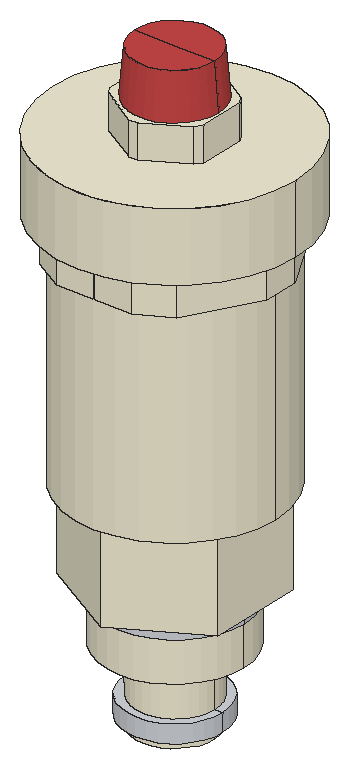
Revit family "1", category Pipe Accessories, Revit 2018
Family settings
  Round Connector Dimension = Use Diameter
  Part Type = Normal
  OmniClass Number = 23.65.00.00
  OmniClass Title = Supply and Distribution of Liquids and Gases
  Work Plane-Based = No
  Always vertical = No
  Cut with Voids When Loaded = No
  Shared = No
Parameters (values of type "1/2" - Nickel plated")
  Youtube clip = ""
  Weight Net (Kg) = ""
  Uniformat II Description = "HVAC"  # constant formula
  Uniformat II Code = "D30"  # constant formula
  Uniclass 2015 Name = "Heating, cooling and refrigeration systems"  # constant formula
  Uniclass 2015 Code = "Ss_60"  # constant formula
  Uniclass 2.0 Description = "Automatic Air Vents"  # constant formula
  Uniclass 2.0 Code = "PR-55-34-05"  # constant formula
  Uniclass 1.4 Description = "Heating systems"  # constant formula
  Uniclass 1.4 Code = "JT10"  # constant formula
  URL = "www.pintossi.it"
  UNSPSC Code = "401446"  # constant formula
  Technical description = ""
  Region South America = "All"  # constant formula
  Region Oceania = "All"  # constant formula
  Region North America = "All"  # constant formula
  Region Middle East = "All"  # constant formula
  Region Europe = "All"  # constant formula
  Region Asia = "All"  # constant formula
  Region Antarctica = "All"  # constant formula
  Region Africa = "All"  # constant formula
  Radius [instance] = [Inlet/Outlet Diameter] / 2  # 6.35 mm
  QR code = "https://www.bimobject.com/pintossi/product/507-automatic-air-vent\r\nhttps://www.bimobject.com/pintossi/product/507-automatic-air-vent"
  Product url = ""
  Product group = "AUTOMATIC-AIR-VENTS"  # constant formula
  Product family = "COMPONENTS-FOR-CENTRAL-HEATING-SYSTEMS"  # constant formula
  Product data url = "https://www.bimobject.com/pintossi/product/508-automatic-air-vent-with-shut-off-cock"
  Product certification = ""
  Product SKU = "508-AUTOMATIC-AIR-VENT-WITH-SHUT-OFF-COCK"  # constant formula
  Product Guid = "8ec4c221-a78d-451a-9070-4bc8ca6b6be1"  # constant formula
  PH: = "Between 7 and 8"  # constant formula
  Overall Height [instance] = 90.5 mm
  OmniClass Description = "Valves"  # constant formula
  OmniClass Code = "23-27 31 00"  # constant formula
  Nut Height [instance] = 13.5 mm
  NBS Reference Description = "Automatic Air Vents"  # constant formula
  NBS Reference Code = "55-34-05"  # constant formula
  Model = "508 AUTOMATIC AIR-VENT WITH SHUT OFF COCK"  # constant formula
  Maximum working temperature = 100 °C  # constant formula
  Maximum working pressure = 1000000.0 Pa  # constant formula
  Maximum percentage of glycol [%] = 30  # constant formula
  Maximum discharge pressure = 0.0 Pa
  Material secondary = ""
  Material main = ""
  Material Polimer = Pintossi - Plastic - Red
  Material Gaskets = Pintossi - Rubber - NBR
  Material Body = Pintossi - Metal - Nickel
  Masterformat 2014 Description = "Ventilating, and Air contitioning (HVAC)"  # constant formula
  Masterformat 2014 Code = "23 00 00"  # constant formula
  Mass = 0.00 kg
  Manufacturer country = "Italy"  # constant formula
  Manufacturer = "pintossi+C"  # constant formula
  Iron (FE): = "< 0,5 mg/kg (< 0,1 mg/kg for steam)"  # constant formula
  Installation instructions = ""
  Inlet/Outlet Diameter = 12.7 mm
  IFC Classification = "Valve"  # constant formula
  Gasket radius [instance] = Radius + 0.5 mm  # 6.85 mm
  G = 6 mm
  Fluid aspect: = "Limpid"  # constant formula
  F [instance] = 17 mm
  Edition number = 0
  EAN code = ""
  E [instance] = 2 mm
  Design country = "Italy"  # constant formula
  Description = "Pintossi+C automatic air vents have the function of automatically eliminating the air that can build up inside a heating system.\r\n\r\nThe sealing is guaranteed by PTM system (Pintossi soft sealing), which allow a quick and safe installation, without the use of additional sealing materials, like hemp of PTFE ribbon.\r\n\r\nThe shut-off cock allows an easy and quick maintainance or substitution of the air vent without the need to empty the system.\r\n\r\nYellow and nichel plated finishing available."  # constant formula
  Date of publishing = ""
  Copper (CU): = "< 0,1 mg/kg (< 0,05 mg/kg for steam)"  # constant formula
  Thread Length [instance] = 17 mm
  Overall Diameter [instance] = 36.044 mm
  Conditioning: = "as indicated by the producer"  # constant formula
  Height [instance] = Overall Height - Nut Height - F - E  # 58 mm
  COBIe Type Category = ""
  Brand url = "www.pintossi.it"
  BIMobject category = "HVAC: Other HVAC"  # constant formula
  Application fluids = "Water or glycol solutions"  # constant formula
  Antifreeze: = "Passiveted Propylene Glycol"  # constant formula
Types (5, lengths in mm): name | Radius | Overall Height | Material Body | Inlet/Outlet Diameter | Gasket radius | G | Height
  (no name) | 6.35 | 90.5 | Pintossi - Metal - Nickel | 12.7 | 6.85 | 6 | 58
  3/8" - Yellow | 4.75 | 92 | Pintossi - Metal - Brass CW617N | 9.5 | 5.25 | 7.5 | 59.5
  1/2" - Yellow | 6.35 | 90.5 | Pintossi - Metal - Brass CW617N | 12.7 | 6.85 | 6 | 58
  1/2" - Nickel plated | 6.35 | 90.5 | Pintossi - Metal - Nickel | 12.7 | 6.85 | 6 | 58
  3/8" - Nickel plated | 4.75 | 92 | Pintossi - Metal - Nickel | 9.5 | 5.25 | 7.5 | 59.5
Reference planes
  plane 1 "Center (Front/Back)": y = 0
  plane 2: z = 0
  plane 3 "Center (Left/Right)": x = 0
  plane 4: z = 71.5
  plane 5: z = 13.5
  plane 6: z = -2
Forms (mm)
  Extrusion 1, solid, material "Pintossi - Metal - Nickel" <- "Material Body", detail levels fine
    sketch origin (0, 0, 0) x (1, 0, 0) y (0, 1, 0)
      loop
        line (-0.62, 7.725) -> (-6.38, 4.399) -> (-7, 3.326) -> (-7, -3.326) -> (-6.38, -4.399) -> (-0.62, -7.725) -> (0.62, -7.725) -> (6.38, -4.399) -> (7, -3.326) -> (7, 3.326) -> (6.38, 4.399) -> (0.62, 7.725) -> (-0.62, 7.725)
    from 59.8 to 64.8
  Extrusion 2, solid, material "Pintossi - Metal - Nickel" <- "Material Body", detail levels fine
    sketch origin (0, 0, 0) x (1, 0, 0) y (0, 1, 0)
      loop
        circle (0, 0) r 18.022
    from 49.6 to 59.8
  Revolve 3, solid, material "Pintossi - Plastic - Red" <- "Material Polimer", detail levels fine
    sketch origin (0, 0, -3.396) x (1, 0, 0) y (0, 0, 1)
      loop
        line (0, 74.896) -> (0, 68.196) -> (6.539, 68.196) -> (5.953, 74.896) -> (0, 74.896)
      axis (0, 68.196) -> (0, 74.896)
    angle from 0 to 360
  Revolve 4, solid, material "Pintossi - Metal - Nickel" <- "Material Body", detail levels fine
    sketch origin (0, 0, 0) x (1, 0, 0) y (0, 0, 1)
      loop
        line (0, 13.5) -> (15, 13.5) -> (15, 50.17) -> (0, 50.17) -> (0, 13.5)
      axis (0, 13.5) -> (0, 50.17)
    angle from 0 to 360
  Extrusion 5, solid, material "Pintossi - Metal - Nickel" <- "Material Body", detail levels fine
    sketch origin (0, 0, 0) x (1, 0, 0) y (0, 1, 0)
      loop
        line (-15.774, 2.678) -> (-15.774, -2.678) -> (-10.206, -12.322) -> (-5.568, -15) -> (5.568, -15) -> (10.206, -12.322) -> (15.774, -2.678) -> (15.774, 2.678) -> (10.206, 12.322) -> (5.568, 15) -> (-5.568, 15) -> (-10.206, 12.322) -> (-15.774, 2.678)
    from 44.195 to 48.6
  Revolve 6, solid, material "Pintossi - Metal - Nickel" <- "Material Body", detail levels fine
    sketch origin (0, 0, 0) x (1, 0, 0) y (0, 0, 1)
      loop
        line (0, 0) -> (0, -5.384) -> (6.35, -5.384) -> (6.35, 0) -> (0, 0)
      axis (0, -5.384) -> (0, 0)
    angle from 0 to 360
  Revolve 7, solid, material "Pintossi - Metal - Nickel" <- "Material Body", detail levels fine
    sketch origin (0, 0, 0) x (1, 0, 0) y (0, 0, 1)
      loop
        line (0, -2) -> (-10.25, -2) -> (-10.25, -8) -> (-5.909, -8) -> (-5.909, -19) -> (0, -19) -> (0, -2)
      axis (0, -19) -> (0, -2)
    angle from 0 to 360
  Extrusion 8, solid, material "Pintossi - Metal - Nickel" <- "Material Body", detail levels fine
    sketch origin (0, 0, 0) x (1, 0, 0) y (0, 1, 0)
      loop
        line (-12, 6.928) -> (-12, -6.928) -> (0, -13.856) -> (12, -6.928) -> (12, 6.928) -> (0, 13.856) -> (-12, 6.928)
    from 0 to 13.5
  Revolve 9, solid, detail levels fine
    sketch origin (0, 0, 0) x (1, 0, 0) y (0, 0, 1)
      loop
        line (-4.541, -15) -> (-7.185, -15) -> (-7.185, -17.639) -> (-4.541, -17.639) -> (-4.541, -15)
      axis (0, -17.639) -> (0, -15)
    angle from 0 to 360
  Revolve 10, solid, detail levels fine
    sketch origin (0, 0, 0) x (1, 0, 0) y (0, 0, 1)
      loop
        line (-8.587, -2) -> (-8.587, -0.245) -> (-10.357, -0.245) -> (-10.357, -2) -> (-8.587, -2)
      axis (0, -2) -> (0, -0.245)
    angle from 0 to 360
Lines and regions (mm)
  model lines, detail levels coarse+medium
    curve 1: line (0, 0, -10) -> (0, 0, 58.8)
    curve 2: line (0, 0, 58.8) -> (0, -6.892, 48.493)
    curve 3: circle (0, -9.899, 44.498) r 5 normal (1, 0, 0)
  symbolic lines
    curve 4: line (0, -0.625, 0) -> (0, 64.375, 0)
    curve 5: line (0, 64.375, 0) -> (12.069, 52.306, 0)
    curve 6: circle (15.605, 48.77, 0) r 5 normal (0, 0, 1)
Dimensions and locks
  "Radius": Revolve 6 sketch curve to Revolve 6 sketch curve
  Extrusion 5 to level = 44.195 mm
  locked: plane 4 to Extrusion 1 at 11.7
  locked: plane 4 to Extrusion 2 at 21.9
  locked: plane 4 to Extrusion 5 at 27.305
  Revolve 3 to Revolve 3 = 6.7 mm
  locked: plane 4 to Extrusion 1 at 6.7
  locked: plane 4 to Extrusion 2 at 11.7
  locked: plane 4 to Extrusion 5 at 22.9
  locked: plane 4 to Revolve 4 at 21.33
  "Nut Height": plane 5 to plane 2
  "Height": plane 4 to plane 5
  "E": plane 2 to plane 6
  "G": Revolve 10 to Revolve 7 sketch curve
  Revolve 10 to plane 6 to Revolve 7 sketch curve = 0 mm, 17 mm
  Revolve 7 sketch curve to Revolve 7 sketch curve = 10.25 mm
  aligned and locked: level to plane 2
  aligned and locked: Revolve 3 to plane 4
  aligned and locked: plane 5 to Revolve 4
  aligned and locked: plane 5 to Extrusion 8
  aligned and locked: Extrusion 8 to plane 2
Automatic sketch dimensions
  Extrusion 1 sketch curve to plane 1 "Center (Front/Back)" = 3.326 mm  (x2)
  Extrusion 1 sketch curve to plane 3 "Center (Left/Right)" = 7 mm
  Extrusion 1 sketch curve to Extrusion 1 sketch curve = 0.62 mm  (x3)
  Extrusion 1 sketch curve to plane 3 "Center (Left/Right)" = 0.62 mm  (x2)
  plane 3 "Center (Left/Right)" to Extrusion 1 sketch curve = 0.62 mm  (x2)
  plane 3 "Center (Left/Right)" to Extrusion 1 sketch curve = 6.38 mm  (x2)
  plane 1 "Center (Front/Back)" to Extrusion 1 sketch curve = 3.326 mm  (x2)
  Extrusion 1 sketch curve to Extrusion 1 sketch curve = 1.073 mm  (x4)
  Extrusion 1 sketch curve to Extrusion 1 sketch curve = 3.326 mm  (x2)
  level to Revolve 4 sketch curve = 13.5 mm
  Revolve 4 sketch curve to plane 3 "Center (Left/Right)" = 0 mm  (x2)
  Revolve 4 sketch curve to level = 0 mm
  plane 3 "Center (Left/Right)" to Revolve 4 sketch curve = 15 mm
  level to Revolve 4 sketch curve = 50.17 mm
  Revolve 4 sketch curve to Revolve 4 sketch curve = 3.901 mm
  Extrusion 5 sketch curve to plane 1 "Center (Front/Back)" = 2.678 mm  (x2)
  Extrusion 5 sketch curve to plane 3 "Center (Left/Right)" = 15.774 mm
  Extrusion 5 sketch curve to plane 3 "Center (Left/Right)" = 10.206 mm  (x2)
  Extrusion 5 sketch curve to Extrusion 5 sketch curve = 4.639 mm  (x4)
  plane 3 "Center (Left/Right)" to Extrusion 5 sketch curve = 5.568 mm  (x2)
  plane 1 "Center (Front/Back)" to Extrusion 5 sketch curve = 2.678 mm  (x2)
  Extrusion 5 sketch curve to Extrusion 5 sketch curve = 5.568 mm
  plane 1 "Center (Front/Back)" to Extrusion 5 sketch curve = 12.322 mm
  Extrusion 5 sketch curve to Extrusion 5 sketch curve = 9.644 mm  (x3)
  Extrusion 5 sketch curve to Extrusion 5 sketch curve = 2.678 mm  (x2)
  plane 1 "Center (Front/Back)" to Extrusion 2 sketch curve = 0 mm
  Extrusion 2 sketch curve to plane 3 "Center (Left/Right)" = 0 mm
  curve 2 to plane 1 "Center (Front/Back)" = 0 mm
  plane 1 "Center (Front/Back)" to curve 3 = 9.899 mm
  plane 4 to curve 3 = 27.002 mm
  plane 4 to curve 2 = 12.7 mm
  curve 3 to curve 2 = 3.007 mm
  curve 1 to level = 10 mm
  curve 3 to curve 2 = 3.995 mm
  Revolve 3 sketch curve to plane 3 "Center (Left/Right)" = 0 mm  (x2)
  Revolve 3 sketch curve to plane 4 = 0 mm
  plane 3 "Center (Left/Right)" to Revolve 3 sketch curve = 5.953 mm
  plane 3 "Center (Left/Right)" to Revolve 3 sketch curve = 6.539 mm
  plane 4 to Revolve 3 sketch curve = 6.7 mm
  Revolve 3 sketch curve to Revolve 3 sketch curve = 3.304 mm
  Revolve 3 sketch curve to Revolve 3 sketch curve = 4.396 mm
  Extrusion 8 sketch curve to plane 3 "Center (Left/Right)" = 0 mm  (x2)
  Extrusion 8 sketch curve to plane 1 "Center (Front/Back)" = 13.856 mm
  Extrusion 8 sketch curve to plane 3 "Center (Left/Right)" = 12 mm
  plane 3 "Center (Left/Right)" to Extrusion 8 sketch curve = 12 mm
  Extrusion 8 sketch curve to plane 1 "Center (Front/Back)" = 6.928 mm  (x2)
  plane 1 "Center (Front/Back)" to Extrusion 8 sketch curve = 6.928 mm  (x2)
  Extrusion 8 sketch curve to Extrusion 8 sketch curve = 6.928 mm
  Revolve 9 sketch curve to plane 3 "Center (Left/Right)" = 0 mm
  Revolve 9 sketch curve to plane 3 "Center (Left/Right)" = 4.541 mm
  Revolve 9 sketch curve to Revolve 9 sketch curve = 2.645 mm
  Revolve 9 sketch curve to plane 6 = 15.639 mm
  Revolve 9 sketch curve to Revolve 9 sketch curve = 2.639 mm  (x2)
  Revolve 9 sketch curve to Revolve 9 sketch curve = 0 mm
  Revolve 10 sketch curve to plane 6 = 0 mm
  Revolve 10 sketch curve to plane 3 "Center (Left/Right)" = 0 mm
  Revolve 10 sketch curve to plane 3 "Center (Left/Right)" = 8.587 mm
  Revolve 10 sketch curve to level = 0.245 mm
  Revolve 10 sketch curve to Revolve 10 sketch curve = 1.77 mm
  Revolve 10 sketch curve to plane 6 = 4.799 mm
  level to Revolve 10 sketch curve = 1.8 mm
  curve 4 to plane 3 "Center (Left/Right)" = 0 mm
  plane 3 "Center (Left/Right)" to curve 6 = 15.605 mm
  curve 6 to plane 1 "Center (Front/Back)" = 48.77 mm
  curve 6 to curve 5 = 15.605 mm
  curve 5 to curve 6 = 3.536 mm
  plane 1 "Center (Front/Back)" to curve 4 = 0.625 mm
  curve 6 to curve 5 = 3.536 mm
  Revolve 6 sketch curve to level = 0 mm  (x2)
  Revolve 6 sketch curve to plane 3 "Center (Left/Right)" = 0 mm  (x2)
  Revolve 6 sketch curve to plane 6 = 3.384 mm
  Revolve 6 sketch curve to Revolve 6 sketch curve = 0 mm
  Revolve 7 sketch curve to plane 6 = 0 mm  (x2)
  Revolve 7 sketch curve to plane 3 "Center (Left/Right)" = 0 mm  (x2)
  Revolve 7 sketch curve to plane 3 "Center (Left/Right)" = 5.909 mm
  Revolve 7 sketch curve to Revolve 7 sketch curve = 0 mm
  radius of Extrusion 2 sketch curve = 18.022 mm
Connectors
  piping at (0, 0, -8), diameter 12.7, driven by "Inlet/Outlet Diameter"
    settings: on Revolve 7, index 1, connector inside diameter 609.6 mm, connector length 0 mm, flow factor 0, pipe flow 0.0 L/s, pressure drop 0.0 Pa, fitting loss kfactor 0, connector angle 0.00°, fixture units 0, engagement length 0 mm, angle of deflection 0.00°, flow configuration 0, flow direction 0, fitting loss method 0, system type 29, joint type 0, gender type 0, connector reference index -1, connector utility 0, adjustable connector no, is connector primary yes, connector description ""
